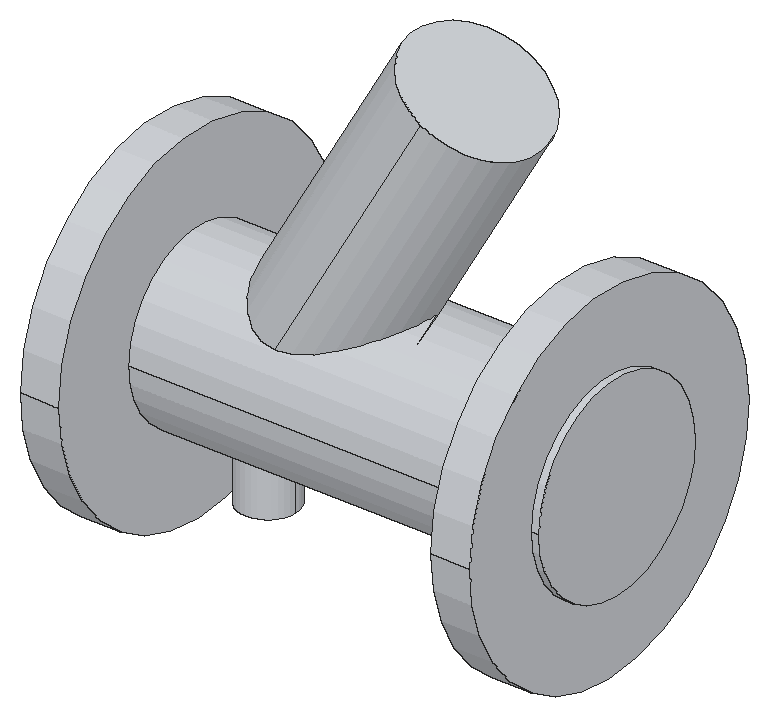
Revit family "HS 821-síto_jemné-PN25-DN040-RFA_2019", category Pipe Accessories, Revit 2019
Family settings
  Round Connector Dimension = Use Diameter
  Part Type = Breaks Into
  Work Plane-Based = No
  Always vertical = Yes
  Cut with Voids When Loaded = No
  Shared = No
Parameters (values of type "821D-DN040-PN25-síto_jemné")
  magiProductId = "c54511bd7f584ec2984291479612cb"
  magiProductFamilyId = "79214ac3aaa945e397802f559f5c1e"
  magiPartTypeId = 307
  isMeasuringValve [instance] = no
  ang2D [instance] = 0.00°
  ZB__ve = -ZB  # -24.5 mm
  ZB1 = 34.02 mm
  ZB = 24.5 mm
  X2 = 75.777 mm
  X1 = 28 mm
  W2D = 15 mm
  VersionID = "2.0/2017.9.26.1/ZETKAMA_821_001"
  Use Minimum Symbol Size [instance] = yes
  URL = "www.hydronic.cz"
  Type Comments = "Filtr přírubový; síto jemné; A-PN16 (-10~300°C); D-PN25 (-10~350°C); F-PN40 (-10~400°C)"
  S = 84 mm
  QmdConnectorList = "301;D;302;D"
  Productdata [instance] = ""
  Manufacturer = "Hydronic Systems Prague s.r.o."
  MC Product Code = "210 240 (821D; DN040; PN25; kvs36,6; oko síta 0,63mm)"
  LM1 = 16 mm
  LM = 160 mm
  L4 = 50 mm
  L2D_Min = 3048 mm
  L2D = 130 mm
  L2 = 100 mm
  HH2 = 131.25 mm
  FD = 150 mm
  Description = "Filtr přírubový; síto jemné; 821A-PN16; 821D-PN25; 821F-PN40"
  DM1 = 60 mm
  DM = 75.6 mm
  D = 40 mm
  CC = 3.4 mm
  CAT0 = yes
  C1 = 16.6 mm
  C = 20 mm
  BD = 23.814 mm
Types (40, lengths in mm): name | magiProductId | ZB__ve | ZB1 | ZB | X2 | X1 | S | MC Product Code | LM1 | LM | L4 | L2 | HH2 | FD | DM1 | DM | D | CC | C1 | C | BD
  821A-DN015-PN16-síto_jemné | "a71bcfe8b393460598b23e8ddf7dc5" | -16.25 | 18.63 | 16.25 | 46.982 | 18.2 | 46 | "210 115 (821A; DN015; PN16; kvs6,2; oko síta 0,63mm)" | 10.4 | 104 | 32.5 | 65 | 81.375 | 95 | 27.6 | 41.4 | 15 | 2.21 | 10.79 | 13 | 13.041
  821A-DN020-PN16-síto_jemné | "41cd6c7a12924f4991217528336076" | -17.75 | 22.68 | 17.75 | 51.673 | 21 | 56 | "210 120 (821A; DN020; PN16; kvs9,6; oko síta 0,63mm)" | 12 | 120 | 37.5 | 75 | 89.5 | 105 | 33.6 | 50.4 | 20 | 2.55 | 12.45 | 15 | 15.876
  821A-DN025-PN16-síto_jemné | "be378b463ed14c3abf4c9b3ae8cf3a" | -19.25 | 26.325 | 19.25 | 58.601 | 22.4 | 65 | "210 125 (821A; DN025; PN16; kvs14,2; oko síta 0,63mm)" | 12.8 | 128 | 40 | 80 | 101.5 | 115 | 43.2 | 58.5 | 25 | 2.72 | 13.28 | 16 | 18.427
  821A-DN032-PN16-síto_jemné | "227a0d18b21540afabe8b6067d35fa" | -23 | 30.78 | 23 | 68.849 | 25.2 | 76 | "210 132 (821A; DN032; PN16; kvs23,1; oko síta 0,63mm)" | 14.4 | 144 | 45 | 90 | 119.25 | 140 | 50.4 | 68.4 | 32 | 3.06 | 14.94 | 18 | 21.546
  821A-DN040-PN16-síto_jemné | "d106917c74724141a10440112d0102" | -24.5 | 34.02 | 24.5 | 75.777 | 28 | 84 | "210 140 (821A; DN040; PN16; kvs36,6; oko síta 0,63mm)" | 16 | 160 | 50 | 100 | 131.25 | 150 | 60 | 75.6 | 40 | 3.4 | 16.6 | 20 | 23.814
  821A-DN050-PN16-síto_jemné | "8255d456a09e4f6486734f5dd9171b" | -26.75 | 40.095 | 26.75 | 79.061 | 32.2 | 99 | "210 150 (821A; DN050 PN16; kvs53,7; oko síta 0,63mm)" | 18.4 | 184 | 57.5 | 115 | 136.938 | 165 | 73.8 | 89.1 | 50 | 3.91 | 19.09 | 23 | 28.066
  821A-DN065-PN16-síto_jemné | "235b1b3e4c0843779a4d5e3716d40a" | -29.75 | 47.79 | 29.75 | 86.927 | 40.6 | 118 | "210 165 (821A; DN065; PN16; kvs95,1; oko síta 0,63mm)" | 23.2 | 232 | 72.5 | 145 | 150.562 | 185 | 94.2 | 106.2 | 65 | 4.93 | 24.07 | 29 | 33.453
  821A-DN080-PN16-síto_jemné | "a067f7c5236348ed8c820d16df7214" | -32 | 53.46 | 32 | 104.753 | 43.4 | 132 | "210 180 (821A; DN080; PN16; kvs137,1; oko síta 0,63mm)" | 24.8 | 248 | 77.5 | 155 | 181.438 | 200 | 107.4 | 118.8 | 80 | 5.27 | 25.73 | 31 | 37.422
  821A-DN100-PN16-síto_jemné | "c49a648c2747461285837d643703cd" | -35 | 63.18 | 35 | 114.857 | 49 | 156 | "210 190 (821A; DN100; PN16; kvs206,4; oko síta 0,63mm)" | 28 | 280 | 87.5 | 175 | 198.937 | 220 | 131.4 | 140.4 | 100 | 5.95 | 29.05 | 35 | 44.226
  821A-DN125-PN16-síto_jemné | "bf68e728a163493cbd2a663b26ebdc" | -39.5 | 74.52 | 39.5 | 131.888 | 56 | 184 | "210 191 (821A; DN125; PN16; kvs268,8; oko síta 0,63mm)" | 32 | 320 | 100 | 200 | 228.438 | 250 | 165 | 165.6 | 125 | 6.8 | 33.2 | 40 | 52.164
  821A-DN150-PN16-síto_jemné | "2de770284b654863ae6bc865769dc5" | -44.75 | 85.455 | 44.75 | 155.885 | 67.2 | 211 | "210 192 (821A; DN150; PN16; kvs401,4; oko síta 0,63mm)" | 38.4 | 384 | 120 | 240 | 270 | 285 | 192 | 189.9 | 150 | 8.16 | 39.84 | 48 | 59.818
  821A-DN200-PN16-síto_jemné | "8e5693371ab64aabb29a7f08c76e15" | -53 | 107.73 | 53 | 188.361 | 84 | 266 | "210 193 (821A; DN200; PN16; kvs706,7; oko síta 0,63mm)" | 48 | 480 | 150 | 300 | 326.25 | 340 | 252 | 239.4 | 200 | 10.2 | 49.8 | 60 | 75.411
  821A-DN250-PN16-síto_jemné | "05e37ed948c34047acdd4c42556504" | -62.75 | 129.195 | 62.75 | 255.911 | 102.2 | 319 | "210 194 (821A; DN250; PN16; kvs1229,4; oko síta 0,63mm)" | 58.4 | 584 | 182.5 | 365 | 443.25 | 405 | 309.6 | 287.1 | 250 | 12.41 | 60.59 | 73 | 90.436
  821A-DN300-PN16-síto_jemné | "9ad0af747269428da925480d83ce80" | -71 | 149.85 | 71 | 325.914 | 119 | 370 | "210 195 (821A; DN300; PN16; kvs1902,4; oko síta 0,63mm)" | 68 | 680 | 212.5 | 425 | 564.5 | 460 | 369.6 | 333 | 300 | 14.45 | 70.55 | 85 | 104.895
  821A-DN350-PN16-síto_jemné | "eebc71459bb3451bb4355e7951370a" | -80 | 173.745 | 80 | 356.875 | 137.2 | 429 | "200 196 (821A; DN350; PN16; kvs2611,0; oko síta 0,63mm)" | 78.4 | 784 | 245 | 490 | 618.125 | 520 | 438 | 386.1 | 350 | 16.66 | 81.34 | 98 | 121.621
  821A-DN400-PN16-síto_jemné | "d2f677cb196647e385b2590e7d8abe" | -89 | 194.4 | 89 | 392.237 | 154 | 480 | "210 197 (821A; DN400; PN16; kvs3438,4; oko síta 0,63mm)" | 88 | 880 | 275 | 550 | 679.375 | 580 | 498 | 432 | 400 | 18.7 | 91.3 | 110 | 136.08
  821D-DN015-PN25-síto_jemné | "27ddcbf555414f8ca1fde329bf9087" | -16.25 | 18.63 | 16.25 | 46.982 | 18.2 | 46 | "210 215 (821D; DN015; PN25; kvs6,2; oko síta 0,63mm)" | 10.4 | 104 | 32.5 | 65 | 81.375 | 95 | 27.6 | 41.4 | 15 | 2.21 | 10.79 | 13 | 13.041
  821D-DN020-PN25-síto_jemné | "270e0f14012f47189cd0235c18faee" | -17.75 | 22.68 | 17.75 | 51.673 | 21 | 56 | "210 220 (821D; DN020; PN25; kvs9,6; oko síta 0,63mm)" | 12 | 120 | 37.5 | 75 | 89.5 | 105 | 33.6 | 50.4 | 20 | 2.55 | 12.45 | 15 | 15.876
  821D-DN025-PN25-síto_jemné | "b9a7fb4aa36643878c637d8e1ab992" | -19.25 | 26.325 | 19.25 | 58.601 | 22.4 | 65 | "210 225 (821D; DN025; PN25; kvs14,2; oko síta 0,63mm)" | 12.8 | 128 | 40 | 80 | 101.5 | 115 | 43.2 | 58.5 | 25 | 2.72 | 13.28 | 16 | 18.427
  821D-DN032-PN25-síto_jemné | "6be9a55c4e68400f94eec7e804204c" | -23 | 30.78 | 23 | 68.849 | 25.2 | 76 | "210 232 (821D; DN032; PN25; kvs23,1; oko síta 0,63mm)" | 14.4 | 144 | 45 | 90 | 119.25 | 140 | 50.4 | 68.4 | 32 | 3.06 | 14.94 | 18 | 21.546
  821D-DN040-PN25-síto_jemné | "c54511bd7f584ec2984291479612cb" | -24.5 | 34.02 | 24.5 | 75.777 | 28 | 84 | "210 240 (821D; DN040; PN25; kvs36,6; oko síta 0,63mm)" | 16 | 160 | 50 | 100 | 131.25 | 150 | 60 | 75.6 | 40 | 3.4 | 16.6 | 20 | 23.814
  821D-DN050-PN25-síto_jemné | "5483b1f596b04cd39b23a14a22c90e" | -26.75 | 40.095 | 26.75 | 79.061 | 32.2 | 99 | "210 250 (821D; DN050; PN25; kvs53,7; oko síta 0,63mm)" | 18.4 | 184 | 57.5 | 115 | 136.938 | 165 | 73.8 | 89.1 | 50 | 3.91 | 19.09 | 23 | 28.066
  821D-DN065-PN25-síto_jemné | "767b0f8318e94750bc7a9930ed5b30" | -29.75 | 47.79 | 29.75 | 86.927 | 40.6 | 118 | "210 265 (821D; DN065; PN25; kvs95,1; oko síta 0,63mm)" | 23.2 | 232 | 72.5 | 145 | 150.562 | 185 | 94.2 | 106.2 | 65 | 4.93 | 24.07 | 29 | 33.453
  821D-DN080-PN25-síto_jemné | "e21040fa3cc2404b858198f6b73709" | -32 | 53.46 | 32 | 104.753 | 43.4 | 132 | "210 280 (821D; DN080; PN25; kvs137,1; oko síta 0,63mm)" | 24.8 | 248 | 77.5 | 155 | 181.438 | 200 | 107.4 | 118.8 | 80 | 5.27 | 25.73 | 31 | 37.422
  821D-DN100-PN25-síto_jemné | "175ca87a506b40b3bc6b82f12f33cf" | -37.25 | 63.18 | 37.25 | 114.857 | 49 | 156 | "210 290 (821D; DN100; PN25; kvs206,4; oko síta 0,63mm)" | 28 | 280 | 87.5 | 175 | 198.937 | 235 | 131.4 | 140.4 | 100 | 5.95 | 29.05 | 35 | 44.226
  821D-DN125-PN25-síto_jemné | "77cc98d60da24855999a22dff726b2" | -42.5 | 74.52 | 42.5 | 131.888 | 56 | 184 | "210 291 (821D; DN125; PN25; kvs268,8; oko síta 0,63mm)" | 32 | 320 | 100 | 200 | 228.438 | 270 | 165 | 165.6 | 125 | 6.8 | 33.2 | 40 | 52.164
  821D-DN150-PN25-síto_jemné | "9cf8acfcd15547d68e83172d3abcbe" | -47 | 85.455 | 47 | 155.885 | 67.2 | 211 | "210 292 (821D; DN150; PN25; kvs401,4; oko síta 0,63mm)" | 38.4 | 384 | 120 | 240 | 270 | 300 | 192 | 189.9 | 150 | 8.16 | 39.84 | 48 | 59.818
  821D-DN200-PN25-síto_jemné | "16973f3c9ea14389ba8602495a6b64" | -56 | 110.97 | 56 | 188.361 | 84 | 274 | "210 293 (821D; DN200; PN25; kvs706,7; oko síta 0,63mm)" | 48 | 480 | 150 | 300 | 326.25 | 360 | 252 | 246.6 | 200 | 10.2 | 49.8 | 60 | 77.679
  821F-DN015-PN40-síto_jemné | "4c7eaf3c4c0340888b3e684d8a8616" | -16.25 | 18.225 | 16.25 | 46.982 | 18.2 | 45 | "250 615 (821F; DN015; PN40; kvs6,2; oko síta 0,63mm)" | 10.4 | 104 | 32.5 | 65 | 81.375 | 95 | 27.6 | 40.5 | 15 | 2.21 | 10.79 | 13 | 12.757
  821F-DN020-PN40-síto_jemné | "aaac5f1ec96b44d6ba96ac2293d66d" | -17.75 | 23.49 | 17.75 | 51.673 | 21 | 58 | "250 620 (821F; DN020; PN40; kvs9,6; oko síta 0,63mm)" | 12 | 120 | 37.5 | 75 | 89.5 | 105 | 33.6 | 52.2 | 20 | 2.55 | 12.45 | 15 | 16.443
  821F-DN025-PN40-síto_jemné | "504768023968471481789485b54c7e" | -19.25 | 27.54 | 19.25 | 58.601 | 22.4 | 68 | "250 625 (821F; DN025; PN40; kvs14,2; oko síta 0,63mm)" | 12.8 | 128 | 40 | 80 | 101.5 | 115 | 43.2 | 61.2 | 25 | 2.72 | 13.28 | 16 | 19.278
  821F-DN032-PN40-síto_jemné | "165e7f39cf744f329bdf1c400dad12" | -23 | 31.59 | 23 | 68.849 | 25.2 | 78 | "250 632 (821F; DN032; PN40; kvs23,1; oko síta 0,63mm)" | 14.4 | 144 | 45 | 90 | 119.25 | 140 | 50.4 | 70.2 | 32 | 3.06 | 14.94 | 18 | 22.113
  821F-DN040-PN40-síto_jemné | "b8903f952089408fbf3a5a632bab1f" | -24.5 | 35.64 | 24.5 | 75.777 | 28 | 88 | "250 640 (821F; DN040; PN40; kvs36,6; oko síta 0,63mm)" | 16 | 160 | 50 | 100 | 131.25 | 150 | 60 | 79.2 | 40 | 3.4 | 16.6 | 20 | 24.948
  821F-DN050-PN40-síto_jemné | "c451f97266fe48da8f879cb6a2bd44" | -26.75 | 41.31 | 26.75 | 79.061 | 32.2 | 102 | "250 650 (821F; DN050; PN40; kvs53,7; oko síta 0,63mm)" | 18.4 | 184 | 57.5 | 115 | 136.938 | 165 | 73.8 | 91.8 | 50 | 3.91 | 19.09 | 23 | 28.917
  821F-DN065-PN40-síto_jemné | "dc9821e3f9b34e128f6a8c6b34c198" | -29.75 | 49.41 | 29.75 | 86.927 | 40.6 | 122 | "250 665 (821F; DN065; PN40; kvs95,1; oko síta 0,63mm)" | 23.2 | 232 | 72.5 | 145 | 150.562 | 185 | 94.2 | 109.8 | 65 | 4.93 | 24.07 | 29 | 34.587
  821F-DN080-PN40-síto_jemné | "689aa1e260f84cf4994f027a1d86b5" | -32 | 55.89 | 32 | 104.753 | 43.4 | 138 | "250 680 (821F; DN080; PN40; kvs137,1; oko síta 0,63mm)" | 24.8 | 248 | 77.5 | 155 | 181.438 | 200 | 107.4 | 124.2 | 80 | 5.27 | 25.73 | 31 | 39.123
  821F-DN100-PN40-síto_jemné | "8a45d4e8e2ab425f8c432f21d684f3" | -37.25 | 65.61 | 37.25 | 114.857 | 49 | 162 | "250 690 (821F; DN100; PN40; kvs206,4; oko síta 0,63mm)" | 28 | 280 | 87.5 | 175 | 198.937 | 235 | 131.4 | 145.8 | 100 | 5.95 | 29.05 | 35 | 45.927
  821F-DN125-PN40-síto_jemné | "cf073904c006406b8645afa67ea2fc" | -42.5 | 76.14 | 42.5 | 131.888 | 56 | 188 | "250 691 (821F; DN125; PN40; kvs268,8; oko síta 0,63mm)" | 32 | 320 | 100 | 200 | 228.438 | 270 | 165 | 169.2 | 125 | 6.8 | 33.2 | 40 | 53.298
  821F-DN150-PN40-síto_jemné | "0153b9ddabe14992a630484929fdbc" | -47 | 88.29 | 47 | 155.885 | 67.2 | 218 | "250 692 (821F; DN150; PN40; kvs401,4; oko síta 0,63mm)" | 38.4 | 384 | 120 | 240 | 270 | 300 | 192 | 196.2 | 150 | 8.16 | 39.84 | 48 | 61.803
  821F-DN200-PN40-síto_jemné | "7fb3fc01dd8d42428c203e3f8dd4d5" | -56 | 115.425 | 56 | 188.361 | 84 | 285 | "250 693 (821F; DN200; PN40; kvs706,7; oko síta 0,63mm)" | 48 | 480 | 150 | 300 | 326.25 | 360 | 252 | 256.5 | 200 | 10.2 | 49.8 | 60 | 80.797
Reference planes
  plane 1 "Center (Front/Back)": y = 0
  plane 2 "XYPLANE": z = 0
  plane 3 "Center (Left/Right)": x = 0
  plane 4 "109": x = -64
  plane 5 "108": x = 80
  plane 6 "107": x = -80
  plane 7 "105": x = 100
  plane 8 "104": x = -100
  plane 9 "103": y = 0
  plane 10 "102": z = 0
  plane 11 "101": x = -96.6
  plane 12 "100": x = 96.6
  plane 13 "11": x = -36
  plane 14 "10": z = 131.25
  plane 15 "9": x = 39.777
  plane 16 "5": z = -34.02
  plane 17 "4": x = -50
  plane 18 "1": x = 50
Forms (mm)
  Extrusion 1, solid, visible <- "CAT0"
    sketch origin (-80, -750, 0) x (0, 1, 0) y (0, 0, 1)
      loop
        circle (750, 0) r 37.8
    from 0 to 160 <- "LM"
  Extrusion 2, solid
    sketch origin (-100, -750, 0) x (0, 1, 0) y (0, 0, 1)
      loop
        circle (750, 0) r 42
    from 0 to 3.4 <- "CC"
  Extrusion 3, solid
    sketch origin (-96.6, -750, 0) x (0, 1, 0) y (0, 0, 1)
      loop
        circle (750, 0) r 75
    from 0 to 16.6 <- "C1"
  Extrusion 4, solid
    sketch origin (80, -750, 0) x (0, 1, 0) y (0, 0, 1)
      loop
        circle (750, 0) r 75
    from 0 to 16.6 <- "C1"
  Extrusion 5, solid
    sketch origin (96.6, -750, 0) x (0, 1, 0) y (0, 0, 1)
      loop
        circle (750, 0) r 42
    from 0 to 3.4 <- "CC"
  Sweep 6, solid, visible <- "CAT0"
    path origin (750, 0, 0) x (-1, 0, 0) y (0, 0, 1)
      loop
        line (830, 0) -> (786, 0) -> (710.223, 131.25)
    profile origin (-80, 0, 0) x (0, 0, -1) y (0, 1, 0)
      loop
        circle (0, 0) r 30
  Extrusion 7, solid, visible <- "CAT0"
    sketch origin (-750, 0, -34.02) x (1, 0, 0) y (0, 1, 0)
      loop
        circle (700, 0) r 11.907
    from 0 to -24.5 <- "ZB__ve"
  Extrusion 8, solid, visible <- "CAT0"
    sketch origin (-750, 0, -34.02) x (1, 0, 0) y (0, 1, 0)
      loop
        circle (800, 0) r 11.907
    from 0 to -24.5 <- "ZB__ve"
  Extrusion 9, solid, not visible
    sketch origin (100, -750, 0) x (0, 1, 0) y (0, 0, 1)
      loop
        circle (750, 0) r 10
    from 0 to -10
  Extrusion 10, solid, not visible
    sketch origin (-100, -750, 0) x (0, 1, 0) y (0, 0, 1)
      loop
        circle (750, 0) r 10
    from 0 to 10
Lines and regions (mm)
  reference lines, not visible
    curve 1: circle (2, 2, 0) r 1 normal (0, 0, 1)
Dimensions and locks
  plane 1 "Center (Front/Back)" to curve 1 = 2 mm
  "LM1": plane 6 "107" to plane 4 "109"
  "LM": plane 6 "107" to plane 5 "108"
  "C": plane 8 "104" to plane 6 "107"
  "L2": plane 3 "Center (Left/Right)" to plane 7 "105"
  "L2": plane 3 "Center (Left/Right)" to plane 8 "104"
  locked: plane 1 "Center (Front/Back)" to plane 9 "103"
  locked: plane 2 "XYPLANE" to plane 10 "102"
  "CC": plane 8 "104" to plane 11 "101"
  "C1": plane 5 "108" to plane 12 "100"
  "X1": plane 4 "109" to plane 13 "11"
  "HH2": plane 2 "XYPLANE" to plane 14 "10"
  "X2": plane 13 "11" to plane 15 "9"
  "ZB1": plane 2 "XYPLANE" to plane 16 "5"
  "L4": plane 8 "104" to plane 17 "4"
  "L2": plane 17 "4" to plane 18 "1"
  Sweep 6 sketch curve to Sweep 6 sketch curve = 0 mm  (x2)
  "DM": diameter of Extrusion 1 sketch curve
  "S": diameter of Extrusion 2 sketch curve
  "FD": diameter of Extrusion 3 sketch curve
  "FD": diameter of Extrusion 4 sketch curve
  "S": diameter of Extrusion 5 sketch curve
  "DM1": diameter of Sweep 6 sketch curve
  "BD": diameter of Extrusion 7 sketch curve
  "BD": diameter of Extrusion 8 sketch curve
  aligned and locked: level to plane 2 "XYPLANE"
  aligned and locked: Extrusion 1 sketch curve to plane 9 "103"
  aligned and locked: plane 10 "102" to Extrusion 1 sketch curve
  aligned and locked: Extrusion 2 sketch curve to plane 9 "103"
  aligned and locked: plane 10 "102" to Extrusion 2 sketch curve
  aligned and locked: Extrusion 3 sketch curve to plane 9 "103"
  aligned and locked: plane 10 "102" to Extrusion 3 sketch curve
  aligned and locked: Extrusion 4 sketch curve to plane 9 "103"
  aligned and locked: plane 10 "102" to Extrusion 4 sketch curve
  aligned and locked: Extrusion 5 sketch curve to plane 9 "103"
  aligned and locked: plane 10 "102" to Extrusion 5 sketch curve
  aligned and locked: Sweep 6 sketch curve to plane 9 "103"
  aligned and locked: plane 10 "102" to Sweep 6 sketch curve  (x3)
  aligned and locked: plane 6 "107" to Sweep 6 sketch curve
  aligned and locked: plane 13 "11" to Sweep 6 sketch curve
  aligned and locked: plane 14 "10" to Sweep 6 sketch curve
  aligned and locked: plane 15 "9" to Sweep 6 sketch curve
  aligned and locked: plane 9 "103" to Extrusion 7 sketch curve
  aligned and locked: plane 17 "4" to Extrusion 7 sketch curve
  aligned and locked: plane 9 "103" to Extrusion 8 sketch curve
  aligned and locked: plane 18 "1" to Extrusion 8 sketch curve
  aligned and locked: Extrusion 9 sketch curve to plane 9 "103"
  aligned and locked: plane 10 "102" to Extrusion 9 sketch curve
  aligned and locked: Extrusion 10 sketch curve to plane 9 "103"
  aligned and locked: plane 10 "102" to Extrusion 10 sketch curve
Automatic sketch dimensions
  plane 1 "Center (Front/Back)" to Extrusion 9 sketch curve = 10 mm
  plane 1 "Center (Front/Back)" to Extrusion 10 sketch curve = 10 mm
  plane 3 "Center (Left/Right)" to curve 1 = 2 mm
  radius of curve 1 = 1 mm
Connectors
  piping at (-100, 0, 0), diameter 40, driven by "D"
    settings: on Extrusion 10, index 1, connector inside diameter 609.6 mm, connector length 0 mm, flow factor 0, pipe flow 0.0 L/s, pressure drop 0.0 Pa, fitting loss kfactor 0, connector angle 0.00°, fixture units 0, engagement length 0 mm, angle of deflection 0.00°, flow configuration 0, flow direction 0, fitting loss method 0, system type 29, joint type 0, gender type 0, connector reference index 2, connector utility 0, adjustable connector no, is connector primary yes, connector description ""
  piping at (100, 0, 0), diameter 40, driven by "D"
    settings: on Extrusion 9, index 2, connector inside diameter 609.6 mm, connector length 0 mm, flow factor 0, pipe flow 0.0 L/s, pressure drop 0.0 Pa, fitting loss kfactor 0, connector angle 0.00°, fixture units 0, engagement length 0 mm, angle of deflection 0.00°, flow configuration 0, flow direction 0, fitting loss method 0, system type 29, joint type 0, gender type 0, connector reference index 1, connector utility 0, adjustable connector no, is connector primary no, connector description ""
